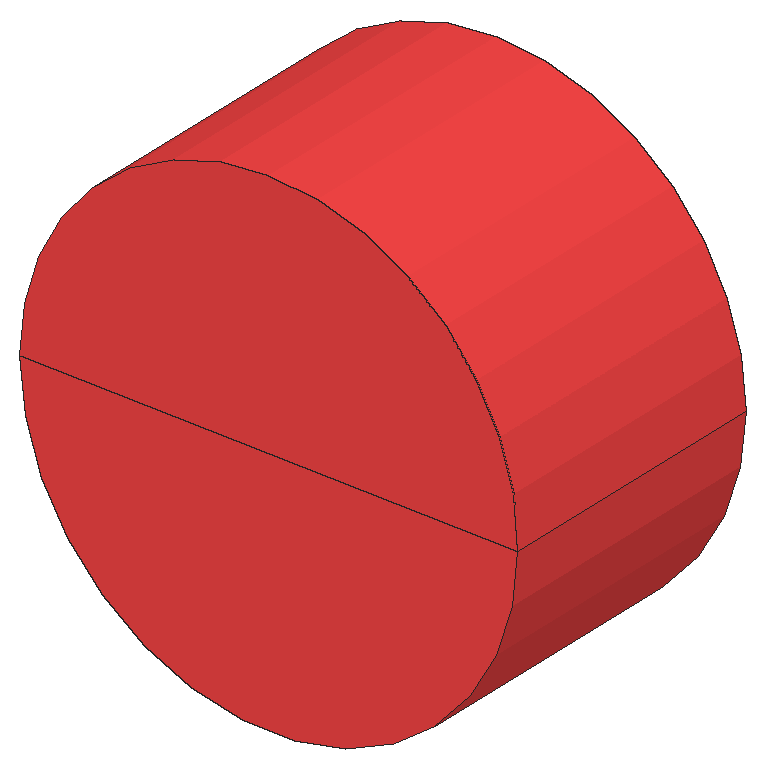
Revit family "CWST-RW-S6 ENScape optisk signalgiver rød_Vegg", category Fire Alarm Devices, Revit 2016
Family settings
  Maintain Annotation Orientation = Yes
  Part Type = Normal
  Round Connector Dimension = Use Diameter
  OmniClass Number = 23.85.30.21.11.17
  OmniClass Title = Other Components
  Work Plane-Based = No
  Always vertical = No
  Cut with Voids When Loaded = No
  Shared = No
  Room Calculation Point = No
Parameters (values of type "Optisk signalgiver")
  Type Comments = "-XH"
  Reference Line Out [instance] = 45.00 mm
  NS8360 = "5423_XN2"
  Manufacturer = "Honeywell"
  Keynote = "XN2"
  CQ Symbol Positive Direction [instance] = yes
  CQ Symbol Offset Side [instance] = 0.00 mm
  CQ Symbol Offset Out [instance] = 0.00 mm
  CQ Material = Plastic - Red
  CQ Length B = 72.00 mm
  CQ Length A = 100.00 mm
  Assembly Code = "5423"
Reference planes
  plane 1 "Center (Front/Back)": y = 0
  plane 2: z = 0
  plane 3 "Center (Left/Right)": x = 0
  plane 4: x = -50
  plane 5: x = 50
  plane 6: y = 72
  plane 7: y = 57
Forms (mm)
  Revolve 1, solid, material "Plastic - Red" <- "CQ Material"
    sketch origin (0, 0, 0) x (1, 0, 0) y (0, -1, 0)
      loop
        line (0, 0) -> (0, -72) -> (1, -72)
        arc (1, -72) -> (19.581, -68.083) -> (35, -57) r 46.033
        line (35, -57) -> (50, -57) -> (50, 0) -> (0, 0)
      axis (0, 0) -> (0, -72)
    angle from 0 to 360
Lines and regions (mm)
  model lines, style "InvisibleLines"
    curve 1: line (0, 0, 0) -> (0, 45, 0)
Dimensions and locks
  "Reference Line Out": plane 1 "Center (Front/Back)" to curve 1
  "CQ Length B": plane 6 to plane 1 "Center (Front/Back)"
  plane 6 to plane 7 = 15.00 mm
  equal spacing: plane 4, plane 3 "Center (Left/Right)", plane 5
  "CQ Length A": plane 4 to plane 5
  aligned and locked: level to plane 2
  aligned and locked: curve 1 to plane 3 "Center (Left/Right)"
  aligned and locked: plane 1 "Center (Front/Back)" to curve 1
  aligned and locked: curve 1 to plane 2
  aligned and locked: plane 1 "Center (Front/Back)" to Revolve 1 sketch curve
  aligned and locked: plane 3 "Center (Left/Right)" to nested 1
  aligned and locked: plane 1 "Center (Front/Back)" to nested 1
  aligned and locked: plane 7 to Revolve 1 sketch curve
  aligned and locked: Revolve 1 sketch curve to plane 6
Automatic sketch dimensions
  Revolve 1 sketch curve to plane 3 "Center (Left/Right)" = 0.00 mm  (x2)
  Revolve 1 sketch curve to plane 5 = 0.00 mm
  Revolve 1 sketch curve to plane 6 = 0.00 mm
  Revolve 1 sketch curve to plane 3 "Center (Left/Right)" = 1.00 mm
  plane 1 "Center (Front/Back)" to Revolve 1 sketch curve = 25.967 mm
  Revolve 1 sketch curve to plane 1 "Center (Front/Back)" = 2000.00 mm
Nested families
  nested 1: "Optisk alarmapparat" at (0, 0, 0), type "Type 1"
Connectors
  electrical at (0, 0, 0)
    settings: index 1, voltage 0 V, apparent load 0 VA, apparent load phase1 0 VA, apparent load phase2 0 VA, apparent load phase3 0 VA, power factor 1, load classification "Other", number of poles 1, system type 11, power factor state 1, is connector primary yes, connector utility no, sub classification motor no, connector description ""
Definition of nested family "Optisk alarmapparat"
  Parameters
    CQ Symbol Positive Direction = yes
    CQ Symbol Negative Direction = not(CQ Symbol Positive Direction)  # no
    CQ Symbol Offset Side = 0.00 mm
    CQ Symbol Offset Out = 1.00 mm
  Reference planes
    plane 1: y = 0
    plane 2: x = 0
  Dimensions and locks
    "CQ Symbol Offset Out": plane 1 to nested 2
    "CQ Symbol Offset Out": plane 1 to nested 1
    "CQ Symbol Offset Side": plane 2 to nested 1
    "CQ Symbol Offset Side": nested 2 to plane 2
  Nested families
    nested 1: "Optisk AlarmapparatSub" at (0, 1, 0), visible <- "CQ Symbol Positive Direction", type "Type 1"
    nested 2: "Optisk AlarmapparatSub" at (0, 1, 0), visible <- "CQ Symbol Negative Direction", type "Type 1"
  Definition of nested family "Optisk AlarmapparatSub"
    Reference planes
      plane 1: y = 0
      plane 2: x = 0
    Lines and regions (mm)
      detail lines
        curve 1: circle (0, 2.5, 0) r 2.5 normal (0, 0, 1)
        curve 2: line (-1.768, 4.268, 0) -> (1.768, 0.732, 0)
        curve 3: line (-1.768, 0.732, 0) -> (1.768, 4.268, 0)
        curve 4: line (-0.001, 5.5, 0) -> (4.748, 5.5, 0)
    Text (mm)
      text "PL" at (1.733, 7.087, 0)
